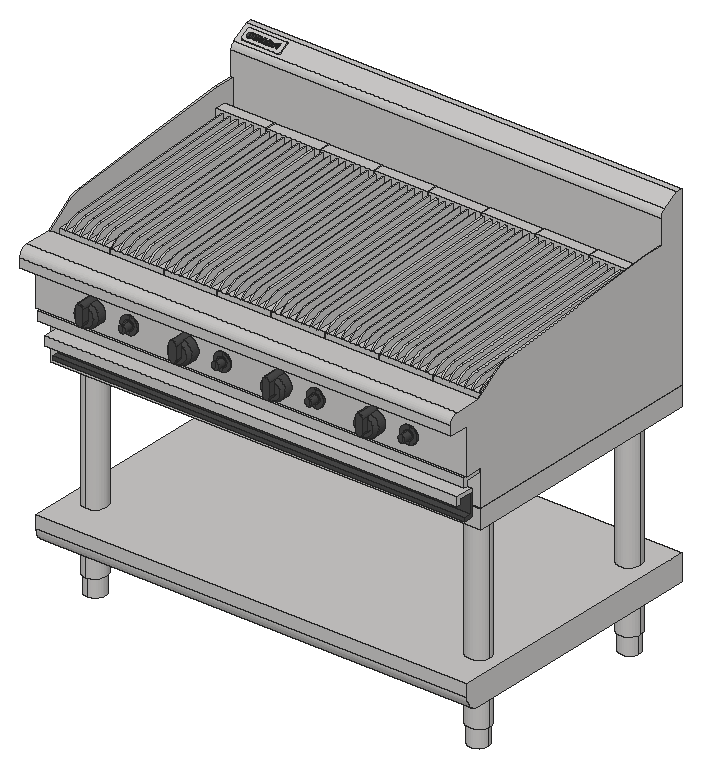
Revit family "QF_MOFFAT WALDORF_CH8120G-LS", category Specialty Equipment, Revit 2012 (continued)
Automatic sketch dimensions
  curve 131 to curve 133 = 0 mm  (x2)
  curve 23 to curve 26 = 0 mm
  curve 127 to curve 129 = 0 mm  (x2)
  curve 27 to curve 30 = 0 mm
  curve 123 to curve 125 = 0 mm  (x2)
  curve 31 to curve 34 = 0 mm
  curve 119 to curve 121 = 0 mm  (x2)
  curve 35 to curve 38 = 0 mm
  curve 115 to curve 117 = 0 mm  (x2)
  curve 39 to curve 42 = 0 mm
  curve 111 to curve 113 = 0 mm  (x2)
  curve 43 to curve 46 = 0 mm
  curve 107 to curve 109 = 0 mm  (x2)
  curve 47 to curve 50 = 0 mm
  curve 103 to curve 105 = 0 mm  (x2)
  curve 51 to curve 54 = 0 mm
  curve 99 to curve 101 = 0 mm  (x2)
  curve 55 to curve 58 = 0 mm
  plane 1 "BACK" to curve 79 = 50.526 mm
  curve 95 to curve 97 = 0 mm  (x2)
  curve 59 to curve 65 = 0 mm
  curve 91 to curve 93 = 0 mm  (x2)
  curve 66 to curve 69 = 0 mm
  curve 87 to curve 89 = 0 mm  (x2)
  curve 70 to curve 73 = 0 mm
  curve 83 to curve 85 = 0 mm  (x2)
  plane 1 "BACK" to curve 81 = 22.262 mm
  plane 1 "BACK" to curve 80 = 22.262 mm
  plane 1 "BACK" to curve 76 = 22.262 mm
  plane 1 "BACK" to curve 72 = 22.262 mm
  plane 1 "BACK" to curve 68 = 22.262 mm
  plane 1 "BACK" to curve 61 = 22.262 mm
  plane 1 "BACK" to curve 57 = 22.262 mm
  plane 1 "BACK" to curve 53 = 22.262 mm
  plane 1 "BACK" to curve 49 = 22.262 mm
  plane 1 "BACK" to curve 45 = 22.262 mm
  plane 1 "BACK" to curve 41 = 22.262 mm
  plane 1 "BACK" to curve 37 = 22.262 mm
  plane 1 "BACK" to curve 33 = 22.262 mm
  plane 1 "BACK" to curve 29 = 22.262 mm
  plane 1 "BACK" to curve 25 = 22.262 mm
  plane 1 "BACK" to curve 21 = 22.262 mm
  plane 1 "BACK" to curve 17 = 22.262 mm
  curve 13 to curve 7 = 1.304 mm
  Extrusion 1 sketch curve to plane 5 "FRONT" = 0 mm
  Extrusion 1 sketch curve to plane 6 "TOP" = 0 mm
  Extrusion 1 sketch curve to plane 1 "BACK" = 0 mm  (x3)
  Extrusion 1 sketch curve to plane 5 "FRONT" = 24 mm
  Extrusion 1 sketch curve to plane 5 "FRONT" = 56 mm  (x2)
  Extrusion 1 sketch curve to Extrusion 1 sketch curve = 44 mm
  Extrusion 1 sketch curve to plane 5 "FRONT" = 106 mm
  Extrusion 1 sketch curve to Extrusion 1 sketch curve = 0 mm
  plane 1 "BACK" to Extrusion 1 sketch curve = 70 mm
  Extrusion 1 sketch curve to plane 6 "TOP" = 24.369 mm
  Extrusion 1 sketch curve to Extrusion 1 sketch curve = 11.291 mm  (x2)
  Extrusion 1 sketch curve to Extrusion 1 sketch curve = 16.5 mm
  Extrusion 1 sketch curve to plane 6 "TOP" = 215 mm
  Extrusion 1 sketch curve to Extrusion 1 sketch curve = 211.074 mm
  Extrusion 1 sketch curve to Extrusion 1 sketch curve = 25 mm
  Extrusion 1 sketch curve to Extrusion 1 sketch curve = 135 mm
  level to Extrusion 1 sketch curve = 640 mm
  Extrusion 1 sketch curve to Extrusion 1 sketch curve = 0.794 mm
  Extrusion 1 sketch curve to Extrusion 1 sketch curve = 54.206 mm
  Extrusion 1 to Split face 1 sketch curve = 1.962 mm
  Split face 1 sketch curve to Extrusion 1 = 14.14 mm
  Split face 1 sketch curve to Extrusion 1 = 129.583 mm
  Split face 1 sketch curve to Split face 1 sketch curve = 20 mm
  Extrusion 1 to Split face 2 sketch curve = 1.962 mm
  Split face 2 sketch curve to Extrusion 1 = 14.14 mm
  Split face 2 sketch curve to Extrusion 1 = 156.5 mm
  Split face 2 sketch curve to Split face 2 sketch curve = 20 mm
  Extrusion 1 to Split face 3 sketch curve = 1.962 mm
  Split face 3 sketch curve to Extrusion 1 = 14.14 mm
  Split face 3 sketch curve to Extrusion 1 = 183.5 mm
  Split face 3 sketch curve to Split face 3 sketch curve = 20 mm
  Extrusion 1 to Split face 4 sketch curve = 1.962 mm
  Split face 4 sketch curve to Extrusion 1 = 14.14 mm
  Split face 4 sketch curve to Extrusion 1 = 210.5 mm
  Split face 4 sketch curve to Split face 4 sketch curve = 20 mm
  Extrusion 1 to Split face 5 sketch curve = 1.962 mm
  Split face 5 sketch curve to Extrusion 1 = 14.14 mm
  Split face 5 sketch curve to Extrusion 1 = 237.5 mm
  Split face 5 sketch curve to Split face 5 sketch curve = 20 mm
  Extrusion 1 to Split face 6 sketch curve = 1.962 mm
  Split face 6 sketch curve to Extrusion 1 = 14.14 mm
  Split face 6 sketch curve to Extrusion 1 = 264.5 mm
  Split face 6 sketch curve to Split face 6 sketch curve = 20 mm
  Extrusion 1 to Split face 7 sketch curve = 1.962 mm
  Split face 7 sketch curve to Extrusion 1 = 14.14 mm
  Split face 7 sketch curve to Extrusion 1 = 291.5 mm
  Split face 7 sketch curve to Split face 7 sketch curve = 20 mm
  Extrusion 1 to Split face 8 sketch curve = 1.962 mm
  Split face 8 sketch curve to Extrusion 1 = 14.14 mm
  Split face 8 sketch curve to Extrusion 1 = 318.5 mm
  Split face 8 sketch curve to Split face 8 sketch curve = 20 mm
  Extrusion 1 to Split face 9 sketch curve = 1.962 mm
  Split face 9 sketch curve to Extrusion 1 = 14.14 mm
  Split face 9 sketch curve to Extrusion 1 = 345.5 mm
  Split face 9 sketch curve to Split face 9 sketch curve = 20 mm
  Extrusion 1 to Split face 10 sketch curve = 1.962 mm
  Split face 10 sketch curve to Extrusion 1 = 14.14 mm
  Split face 10 sketch curve to Extrusion 1 = 372.579 mm
  Split face 10 sketch curve to Split face 10 sketch curve = 20 mm
  Extrusion 1 to Split face 11 sketch curve = 1.962 mm
  Split face 11 sketch curve to Extrusion 1 = 14.14 mm
  Split face 11 sketch curve to Extrusion 1 = 399.534 mm
  Split face 11 sketch curve to Split face 11 sketch curve = 20 mm
  Revolve 4 sketch curve to level = 0 mm
  level to Revolve 4 sketch curve = 50 mm
  Revolve 4 sketch curve to Revolve 4 sketch curve = 4.25 mm
  Revolve 4 sketch curve to Revolve 4 sketch curve = 27.5 mm  (x2)
  Revolve 4 sketch curve to Revolve 4 sketch curve = 55 mm
  Revolve 4 sketch curve to Revolve 4 sketch curve = 0 mm
  Revolve 4 sketch curve to Revolve 4 sketch curve = 535 mm
  Extrusion 6 sketch curve to plane 5 "FRONT" = 100 mm
  Extrusion 6 sketch curve to Extrusion 6 sketch curve = 64.494 mm
  Extrusion 6 sketch curve to Extrusion 6 sketch curve = 40.449 mm
  Extrusion 6 sketch curve to Extrusion 6 sketch curve = 9.585 mm
  plane 1 "BACK" to Extrusion 6 sketch curve = 121.455 mm
  Extrusion 6 sketch curve to Extrusion 6 sketch curve = 51.455 mm
  Extrusion 6 sketch curve to plane 6 "TOP" = 256.424 mm
  Extrusion 6 sketch curve to Extrusion 6 sketch curve = 1.424 mm
  Extrusion 6 sketch curve to Extrusion 6 sketch curve = 40 mm
  Extrusion 6 sketch curve to Extrusion 6 sketch curve = 45.159 mm
  Extrusion 6 sketch curve to plane 6 "TOP" = 110.8 mm
  Extrusion 7 sketch curve to plane 5 "FRONT" = 100 mm
  Extrusion 7 sketch curve to Extrusion 7 sketch curve = 64.494 mm
  Extrusion 7 sketch curve to Extrusion 7 sketch curve = 40.449 mm
  Extrusion 7 sketch curve to Extrusion 7 sketch curve = 50.034 mm
  plane 1 "BACK" to Extrusion 7 sketch curve = 121.455 mm
  Extrusion 7 sketch curve to Extrusion 7 sketch curve = 51.455 mm
  Extrusion 7 sketch curve to plane 6 "TOP" = 110.8 mm
  Extrusion 7 sketch curve to plane 6 "TOP" = 156.884 mm
  Extrusion 7 sketch curve to Extrusion 7 sketch curve = 12.957 mm
  Extrusion 7 sketch curve to Extrusion 7 sketch curve = 45.159 mm
  Extrusion 7 sketch curve to Extrusion 7 sketch curve = 40 mm
  Revolve 8 sketch curve to plane 5 "FRONT" = 12 mm
  Revolve 8 sketch curve to Revolve 8 sketch curve = 0 mm  (x2)
  Revolve 8 sketch curve to Revolve 8 sketch curve = 11 mm
  Revolve 8 sketch curve to Revolve 8 sketch curve = 12.7 mm
  Revolve 8 sketch curve to Revolve 8 sketch curve = 23 mm
  Revolve 8 sketch curve to Revolve 8 sketch curve = 10 mm
  level to Revolve 8 sketch curve = 797 mm
  Revolve 8 sketch curve to Revolve 8 sketch curve = 5 mm
  Revolve 8 sketch curve to Revolve 8 sketch curve = 26.651 mm
  Revolve 8 sketch curve to Revolve 8 sketch curve = 5.849 mm
  Revolve 10 sketch curve to plane 5 "FRONT" = 12 mm
  Revolve 10 sketch curve to Revolve 10 sketch curve = 0 mm  (x2)
  Revolve 10 sketch curve to Revolve 10 sketch curve = 11 mm
  Revolve 10 sketch curve to Revolve 10 sketch curve = 12.7 mm
  Revolve 10 sketch curve to Revolve 10 sketch curve = 23 mm
  Revolve 10 sketch curve to Revolve 10 sketch curve = 10 mm
  Revolve 10 sketch curve to plane 6 "TOP" = 300.5 mm
  Revolve 10 sketch curve to Revolve 10 sketch curve = 5.849 mm
  Revolve 10 sketch curve to Revolve 10 sketch curve = 27.5 mm
  Revolve 10 sketch curve to Revolve 10 sketch curve = 5 mm
  Revolve 12 sketch curve to plane 5 "FRONT" = 20.12 mm
  Revolve 12 sketch curve to Revolve 12 sketch curve = 6.83 mm
  Revolve 12 sketch curve to Revolve 12 sketch curve = 15.2 mm
  Revolve 12 sketch curve to Revolve 12 sketch curve = 1.144 mm
  Revolve 12 sketch curve to Revolve 12 sketch curve = 3.85 mm
  Revolve 12 sketch curve to Revolve 12 sketch curve = 0 mm  (x2)
  Revolve 12 sketch curve to Revolve 12 sketch curve = 10 mm
  level to Revolve 12 sketch curve = 797 mm
  Revolve 12 sketch curve to Revolve 12 sketch curve = 5 mm
  Revolve 12 sketch curve to Revolve 12 sketch curve = 4.825 mm
  Revolve 12 sketch curve to Revolve 12 sketch curve = 3.025 mm
  Revolve 12 sketch curve to Revolve 12 sketch curve = 11.15 mm
  Revolve 13 sketch curve to plane 5 "FRONT" = 20.12 mm
  Revolve 13 sketch curve to Revolve 13 sketch curve = 6.83 mm
  Revolve 13 sketch curve to Revolve 13 sketch curve = 15.2 mm
  Revolve 13 sketch curve to Revolve 13 sketch curve = 1.144 mm
  Revolve 13 sketch curve to Revolve 13 sketch curve = 3.85 mm
  Revolve 13 sketch curve to Revolve 13 sketch curve = 0 mm  (x2)
  Revolve 13 sketch curve to Revolve 13 sketch curve = 10 mm
  level to Revolve 13 sketch curve = 797 mm
  Revolve 13 sketch curve to Revolve 13 sketch curve = 5 mm
  Revolve 13 sketch curve to Revolve 13 sketch curve = 4.825 mm
  Revolve 13 sketch curve to Revolve 13 sketch curve = 3.025 mm
  Revolve 13 sketch curve to Revolve 13 sketch curve = 11.15 mm
  Extrusion 14 sketch curve to plane 5 "FRONT" = 128 mm
  Extrusion 14 sketch curve to Extrusion 14 sketch curve = 46.148 mm
  Extrusion 14 sketch curve to Extrusion 14 sketch curve = 50.262 mm
  plane 1 "BACK" to Extrusion 14 sketch curve = 132 mm
  Extrusion 14 sketch curve to plane 6 "TOP" = 265.155 mm
  Extrusion 14 sketch curve to plane 6 "TOP" = 219.636 mm
  Extrusion 14 sketch curve to Extrusion 14 sketch curve = 52.486 mm
  Extrusion 15 sketch curve to plane 5 "FRONT" = 128 mm
  Extrusion 15 sketch curve to Extrusion 15 sketch curve = 46.148 mm
  Extrusion 15 sketch curve to Extrusion 15 sketch curve = 4.114 mm
  plane 1 "BACK" to Extrusion 15 sketch curve = 132 mm
  Extrusion 15 sketch curve to plane 6 "TOP" = 265.155 mm
  Extrusion 15 sketch curve to plane 6 "TOP" = 219.636 mm
  Extrusion 15 sketch curve to Extrusion 15 sketch curve = 52.486 mm
  Extrusion 16 sketch curve to plane 5 "FRONT" = 128 mm
  Extrusion 16 sketch curve to Extrusion 16 sketch curve = 46.148 mm
  Extrusion 16 sketch curve to Extrusion 16 sketch curve = 50.262 mm
  plane 1 "BACK" to Extrusion 16 sketch curve = 132 mm
  Extrusion 16 sketch curve to plane 6 "TOP" = 265.155 mm
  Extrusion 16 sketch curve to plane 6 "TOP" = 219.636 mm
  Extrusion 16 sketch curve to Extrusion 16 sketch curve = 52.486 mm
  Extrusion 17 sketch curve to plane 5 "FRONT" = 128 mm
  Extrusion 17 sketch curve to Extrusion 17 sketch curve = 46.148 mm
  Extrusion 17 sketch curve to Extrusion 17 sketch curve = 4.114 mm
  plane 1 "BACK" to Extrusion 17 sketch curve = 132 mm
  Extrusion 17 sketch curve to plane 6 "TOP" = 265.155 mm
  Extrusion 17 sketch curve to plane 6 "TOP" = 219.636 mm
  Extrusion 17 sketch curve to Extrusion 17 sketch curve = 52.486 mm
  Extrusion 18 sketch curve to plane 5 "FRONT" = 128 mm
  Extrusion 18 sketch curve to Extrusion 18 sketch curve = 46.148 mm
  Extrusion 18 sketch curve to Extrusion 18 sketch curve = 50.262 mm
  plane 1 "BACK" to Extrusion 18 sketch curve = 132 mm
  Extrusion 18 sketch curve to plane 6 "TOP" = 265.155 mm
  Extrusion 18 sketch curve to plane 6 "TOP" = 219.636 mm
  Extrusion 18 sketch curve to Extrusion 18 sketch curve = 52.486 mm
  Extrusion 19 sketch curve to plane 5 "FRONT" = 128 mm
  Extrusion 19 sketch curve to Extrusion 19 sketch curve = 46.148 mm
  Extrusion 19 sketch curve to Extrusion 19 sketch curve = 50.262 mm
  plane 1 "BACK" to Extrusion 19 sketch curve = 132 mm
  Extrusion 19 sketch curve to plane 6 "TOP" = 265.155 mm
  Extrusion 19 sketch curve to plane 6 "TOP" = 219.636 mm
  Extrusion 19 sketch curve to Extrusion 19 sketch curve = 52.486 mm
  Extrusion 20 sketch curve to plane 5 "FRONT" = 128 mm
  Extrusion 20 sketch curve to Extrusion 20 sketch curve = 46.148 mm
  Extrusion 20 sketch curve to Extrusion 20 sketch curve = 4.114 mm
  plane 1 "BACK" to Extrusion 20 sketch curve = 132 mm
  Extrusion 20 sketch curve to plane 6 "TOP" = 265.155 mm
  Extrusion 20 sketch curve to plane 6 "TOP" = 219.636 mm
  Extrusion 20 sketch curve to Extrusion 20 sketch curve = 52.486 mm
  Extrusion 21 sketch curve to plane 5 "FRONT" = 128 mm
  Extrusion 21 sketch curve to Extrusion 21 sketch curve = 46.148 mm
  Extrusion 21 sketch curve to Extrusion 21 sketch curve = 50.262 mm
  plane 1 "BACK" to Extrusion 21 sketch curve = 132 mm
  Extrusion 21 sketch curve to plane 6 "TOP" = 265.155 mm
  Extrusion 21 sketch curve to plane 6 "TOP" = 219.636 mm
  Extrusion 21 sketch curve to Extrusion 21 sketch curve = 52.486 mm
  Extrusion 22 sketch curve to plane 5 "FRONT" = 128 mm
  Extrusion 22 sketch curve to Extrusion 22 sketch curve = 46.148 mm
  Extrusion 22 sketch curve to Extrusion 22 sketch curve = 4.114 mm
  plane 1 "BACK" to Extrusion 22 sketch curve = 132 mm
  Extrusion 22 sketch curve to plane 6 "TOP" = 265.155 mm
  Extrusion 22 sketch curve to plane 6 "TOP" = 219.636 mm
  Extrusion 22 sketch curve to Extrusion 22 sketch curve = 52.486 mm
  Extrusion 23 sketch curve to plane 5 "FRONT" = 128 mm
  Extrusion 23 sketch curve to Extrusion 23 sketch curve = 46.148 mm
  Extrusion 23 sketch curve to Extrusion 23 sketch curve = 50.262 mm
  plane 1 "BACK" to Extrusion 23 sketch curve = 132 mm
  Extrusion 23 sketch curve to plane 6 "TOP" = 265.155 mm
  Extrusion 23 sketch curve to plane 6 "TOP" = 219.636 mm
  Extrusion 23 sketch curve to Extrusion 23 sketch curve = 52.486 mm
  Extrusion 24 sketch curve to plane 5 "FRONT" = 128 mm
  Extrusion 24 sketch curve to Extrusion 24 sketch curve = 46.148 mm
  Extrusion 24 sketch curve to Extrusion 24 sketch curve = 4.114 mm
  plane 1 "BACK" to Extrusion 24 sketch curve = 132 mm
  Extrusion 24 sketch curve to plane 6 "TOP" = 265.155 mm
  Extrusion 24 sketch curve to plane 6 "TOP" = 219.636 mm
  Extrusion 24 sketch curve to Extrusion 24 sketch curve = 52.486 mm
  Extrusion 25 sketch curve to plane 5 "FRONT" = 128 mm
  Extrusion 25 sketch curve to Extrusion 25 sketch curve = 46.148 mm
  Extrusion 25 sketch curve to Extrusion 25 sketch curve = 4.114 mm
  plane 1 "BACK" to Extrusion 25 sketch curve = 132 mm
  Extrusion 25 sketch curve to plane 6 "TOP" = 265.155 mm
  Extrusion 25 sketch curve to plane 6 "TOP" = 219.636 mm
  Extrusion 25 sketch curve to Extrusion 25 sketch curve = 52.486 mm
  Extrusion 26 sketch curve to plane 5 "FRONT" = 128 mm
  Extrusion 26 sketch curve to Extrusion 26 sketch curve = 46.148 mm
  Extrusion 26 sketch curve to Extrusion 26 sketch curve = 4.114 mm
  plane 1 "BACK" to Extrusion 26 sketch curve = 132 mm
  Extrusion 26 sketch curve to plane 6 "TOP" = 265.155 mm
  Extrusion 26 sketch curve to plane 6 "TOP" = 219.636 mm
  Extrusion 26 sketch curve to Extrusion 26 sketch curve = 52.486 mm
  Extrusion 27 sketch curve to plane 5 "FRONT" = 128 mm
  Extrusion 27 sketch curve to Extrusion 27 sketch curve = 46.148 mm
  Extrusion 27 sketch curve to Extrusion 27 sketch curve = 4.114 mm
  plane 1 "BACK" to Extrusion 27 sketch curve = 132 mm
  Extrusion 27 sketch curve to plane 6 "TOP" = 265.155 mm
  Extrusion 27 sketch curve to plane 6 "TOP" = 219.636 mm
  Extrusion 27 sketch curve to Extrusion 27 sketch curve = 52.486 mm
  Extrusion 28 sketch curve to plane 5 "FRONT" = 128 mm
  Extrusion 28 sketch curve to Extrusion 28 sketch curve = 46.148 mm
  Extrusion 28 sketch curve to Extrusion 28 sketch curve = 4.114 mm
  plane 1 "BACK" to Extrusion 28 sketch curve = 132 mm
  Extrusion 28 sketch curve to plane 6 "TOP" = 265.155 mm
  Extrusion 28 sketch curve to plane 6 "TOP" = 219.636 mm
  Extrusion 28 sketch curve to Extrusion 28 sketch curve = 52.486 mm
  Extrusion 29 sketch curve to plane 5 "FRONT" = 128 mm
  Extrusion 29 sketch curve to Extrusion 29 sketch curve = 46.148 mm
  Extrusion 29 sketch curve to Extrusion 29 sketch curve = 50.262 mm
  plane 1 "BACK" to Extrusion 29 sketch curve = 132 mm
  Extrusion 29 sketch curve to plane 6 "TOP" = 265.155 mm
  Extrusion 29 sketch curve to plane 6 "TOP" = 219.636 mm
  Extrusion 29 sketch curve to Extrusion 29 sketch curve = 52.486 mm
  Extrusion 30 sketch curve to plane 5 "FRONT" = 128 mm
  Extrusion 30 sketch curve to Extrusion 30 sketch curve = 46.148 mm
  Extrusion 30 sketch curve to Extrusion 30 sketch curve = 50.262 mm
  plane 1 "BACK" to Extrusion 30 sketch curve = 132 mm
  Extrusion 30 sketch curve to plane 6 "TOP" = 265.155 mm
  Extrusion 30 sketch curve to plane 6 "TOP" = 219.636 mm
  Extrusion 30 sketch curve to Extrusion 30 sketch curve = 52.486 mm
  Extrusion 31 sketch curve to plane 5 "FRONT" = 128 mm
  Extrusion 31 sketch curve to Extrusion 31 sketch curve = 46.148 mm
  Extrusion 31 sketch curve to Extrusion 31 sketch curve = 4.114 mm
  plane 1 "BACK" to Extrusion 31 sketch curve = 132 mm
  Extrusion 31 sketch curve to plane 6 "TOP" = 265.155 mm
  Extrusion 31 sketch curve to plane 6 "TOP" = 219.636 mm
  Extrusion 31 sketch curve to Extrusion 31 sketch curve = 52.486 mm
  Extrusion 32 sketch curve to plane 5 "FRONT" = 128 mm
  Extrusion 32 sketch curve to Extrusion 32 sketch curve = 46.148 mm
  Extrusion 32 sketch curve to Extrusion 32 sketch curve = 50.262 mm
  plane 1 "BACK" to Extrusion 32 sketch curve = 132 mm
  Extrusion 32 sketch curve to plane 6 "TOP" = 265.155 mm
  Extrusion 32 sketch curve to plane 6 "TOP" = 219.636 mm
  Extrusion 32 sketch curve to Extrusion 32 sketch curve = 52.486 mm
  Extrusion 33 sketch curve to plane 5 "FRONT" = 128 mm
  Extrusion 33 sketch curve to Extrusion 33 sketch curve = 46.148 mm
  Extrusion 33 sketch curve to Extrusion 33 sketch curve = 4.114 mm
  plane 1 "BACK" to Extrusion 33 sketch curve = 132 mm
  Extrusion 33 sketch curve to plane 6 "TOP" = 265.155 mm
  Extrusion 33 sketch curve to plane 6 "TOP" = 219.636 mm
  Extrusion 33 sketch curve to Extrusion 33 sketch curve = 52.486 mm
  Extrusion 34 sketch curve to plane 5 "FRONT" = 128 mm
  Extrusion 34 sketch curve to Extrusion 34 sketch curve = 46.148 mm
  Extrusion 34 sketch curve to Extrusion 34 sketch curve = 4.114 mm
  plane 1 "BACK" to Extrusion 34 sketch curve = 132 mm
  Extrusion 34 sketch curve to plane 6 "TOP" = 265.155 mm
  Extrusion 34 sketch curve to Extrusion 34 sketch curve = 45.518 mm
  Extrusion 34 sketch curve to Extrusion 34 sketch curve = 52.486 mm
  Extrusion 35 sketch curve to plane 5 "FRONT" = 128 mm
  Extrusion 35 sketch curve to Extrusion 35 sketch curve = 46.148 mm
  Extrusion 35 sketch curve to Extrusion 35 sketch curve = 50.262 mm
  plane 1 "BACK" to Extrusion 35 sketch curve = 132 mm
  Extrusion 35 sketch curve to plane 6 "TOP" = 265.155 mm
  Extrusion 35 sketch curve to plane 6 "TOP" = 219.636 mm
  Extrusion 35 sketch curve to Extrusion 35 sketch curve = 52.486 mm
  Extrusion 36 sketch curve to plane 5 "FRONT" = 128 mm
  Extrusion 36 sketch curve to Extrusion 36 sketch curve = 46.148 mm
  Extrusion 36 sketch curve to Extrusion 36 sketch curve = 4.114 mm
  plane 1 "BACK" to Extrusion 36 sketch curve = 132 mm
  Extrusion 36 sketch curve to plane 6 "TOP" = 265.155 mm
  Extrusion 36 sketch curve to plane 6 "TOP" = 219.636 mm
  Extrusion 36 sketch curve to Extrusion 36 sketch curve = 52.486 mm
  Extrusion 37 sketch curve to plane 5 "FRONT" = 128 mm
  Extrusion 37 sketch curve to Extrusion 37 sketch curve = 46.148 mm
  Extrusion 37 sketch curve to Extrusion 37 sketch curve = 4.114 mm
  plane 1 "BACK" to Extrusion 37 sketch curve = 132 mm
  Extrusion 37 sketch curve to plane 6 "TOP" = 265.155 mm
  Extrusion 37 sketch curve to plane 6 "TOP" = 219.636 mm
  Extrusion 37 sketch curve to Extrusion 37 sketch curve = 52.486 mm
  Extrusion 38 sketch curve to plane 5 "FRONT" = 128 mm
  Extrusion 38 sketch curve to Extrusion 38 sketch curve = 46.148 mm
  Extrusion 38 sketch curve to Extrusion 38 sketch curve = 50.262 mm
  plane 1 "BACK" to Extrusion 38 sketch curve = 132 mm
  Extrusion 38 sketch curve to plane 6 "TOP" = 265.155 mm
  Extrusion 38 sketch curve to plane 6 "TOP" = 219.636 mm
  Extrusion 38 sketch curve to Extrusion 38 sketch curve = 52.486 mm
  Extrusion 39 sketch curve to plane 5 "FRONT" = 128 mm
  Extrusion 39 sketch curve to Extrusion 39 sketch curve = 46.148 mm
  Extrusion 39 sketch curve to Extrusion 39 sketch curve = 50.262 mm
  plane 1 "BACK" to Extrusion 39 sketch curve = 132 mm
  Extrusion 39 sketch curve to plane 6 "TOP" = 265.155 mm
  Extrusion 39 sketch curve to plane 6 "TOP" = 219.636 mm
  Extrusion 39 sketch curve to Extrusion 39 sketch curve = 52.486 mm
  Extrusion 40 sketch curve to plane 5 "FRONT" = 128 mm
  Extrusion 40 sketch curve to Extrusion 40 sketch curve = 46.148 mm
  Extrusion 40 sketch curve to Extrusion 40 sketch curve = 4.114 mm
  plane 1 "BACK" to Extrusion 40 sketch curve = 132 mm
  Extrusion 40 sketch curve to plane 6 "TOP" = 265.155 mm
  Extrusion 40 sketch curve to plane 6 "TOP" = 219.636 mm
  Extrusion 40 sketch curve to Extrusion 40 sketch curve = 52.486 mm
  Extrusion 42 sketch curve to plane 5 "FRONT" = 81 mm
  Extrusion 42 sketch curve to Extrusion 42 sketch curve = 20 mm
  Extrusion 42 sketch curve to Extrusion 42 sketch curve = 18.654 mm
  level to Extrusion 42 sketch curve = 608.047 mm
  Extrusion 42 sketch curve to Extrusion 42 sketch curve = 10 mm
  Extrusion 42 sketch curve to Extrusion 42 sketch curve = 53.75 mm
  Extrusion 43 sketch curve to plane 5 "FRONT" = 53.73 mm
  Extrusion 43 sketch curve to Extrusion 43 sketch curve = 10 mm  (x2)
  Extrusion 43 sketch curve to Extrusion 43 sketch curve = 42.27 mm
  level to Extrusion 43 sketch curve = 711.219 mm
  Extrusion 43 sketch curve to Extrusion 43 sketch curve = 15 mm
  Split face 12 sketch curve to cut or joined group of Extrusion 1, Extrusion 6, Extrusion 7 = 1.25 mm
  Split face 12 sketch curve to cut or joined group of Extrusion 1, Extrusion 6, Extrusion 7 = 24.993 mm
  cut or joined group of Extrusion 1, Extrusion 6, Extrusion 7 to Split face 12 sketch curve = 1.25 mm
  Split face 12 sketch curve to cut or joined group of Extrusion 1, Extrusion 6, Extrusion 7 = 25.12 mm
  Extrusion 44 sketch curve to plane 5 "FRONT" = 53.73 mm
  Extrusion 44 sketch curve to Extrusion 44 sketch curve = 10 mm  (x2)
  Extrusion 44 sketch curve to Extrusion 44 sketch curve = 55.924 mm
  level to Extrusion 44 sketch curve = 656.797 mm
  Extrusion 44 sketch curve to Extrusion 44 sketch curve = 15 mm
  Extrusion 45 sketch curve to plane 5 "FRONT" = 128 mm
  plane 1 "BACK" to Extrusion 45 sketch curve = 132 mm
  Extrusion 45 sketch curve to Extrusion 45 sketch curve = 30 mm
  Extrusion 45 sketch curve to plane 6 "TOP" = 255 mm
  Extrusion 45 sketch curve to Extrusion 45 sketch curve = 35.364 mm
  Extrusion 45 sketch curve to Extrusion 45 sketch curve = 59.636 mm
  Extrusion 46 sketch curve to plane 5 "FRONT" = 128 mm
  plane 1 "BACK" to Extrusion 46 sketch curve = 132 mm
  Extrusion 46 sketch curve to Extrusion 46 sketch curve = 30 mm
  Extrusion 46 sketch curve to plane 6 "TOP" = 255 mm
  Extrusion 46 sketch curve to Extrusion 46 sketch curve = 35.364 mm
  Extrusion 46 sketch curve to Extrusion 46 sketch curve = 59.636 mm
  Extrusion 47 sketch curve to plane 5 "FRONT" = 128 mm
  plane 1 "BACK" to Extrusion 47 sketch curve = 132 mm
  Extrusion 47 sketch curve to Extrusion 47 sketch curve = 30 mm
  Extrusion 47 sketch curve to plane 6 "TOP" = 255 mm
  Extrusion 47 sketch curve to Extrusion 47 sketch curve = 35.364 mm
  Extrusion 47 sketch curve to Extrusion 47 sketch curve = 59.636 mm
  Extrusion 48 sketch curve to plane 5 "FRONT" = 128 mm
  plane 1 "BACK" to Extrusion 48 sketch curve = 132 mm
  Extrusion 48 sketch curve to Extrusion 48 sketch curve = 30 mm
  Extrusion 48 sketch curve to plane 6 "TOP" = 255 mm
  Extrusion 48 sketch curve to Extrusion 48 sketch curve = 35.364 mm
  Extrusion 48 sketch curve to Extrusion 48 sketch curve = 59.636 mm
  Extrusion 49 sketch curve to plane 5 "FRONT" = 128 mm
  Extrusion 49 sketch curve to Extrusion 49 sketch curve = 46.148 mm
  Extrusion 49 sketch curve to Extrusion 49 sketch curve = 50.262 mm
  plane 1 "BACK" to Extrusion 49 sketch curve = 132 mm
  Extrusion 49 sketch curve to plane 6 "TOP" = 265.155 mm
  Extrusion 49 sketch curve to Extrusion 49 sketch curve = 45.518 mm
  Extrusion 49 sketch curve to Extrusion 49 sketch curve = 52.486 mm
  Extrusion 50 sketch curve to plane 5 "FRONT" = 128 mm
  Extrusion 50 sketch curve to Extrusion 50 sketch curve = 46.148 mm
  Extrusion 50 sketch curve to Extrusion 50 sketch curve = 4.114 mm
  plane 1 "BACK" to Extrusion 50 sketch curve = 132 mm
  Extrusion 50 sketch curve to plane 6 "TOP" = 265.155 mm
  Extrusion 50 sketch curve to plane 6 "TOP" = 219.636 mm
  Extrusion 50 sketch curve to Extrusion 50 sketch curve = 52.486 mm
  Extrusion 51 sketch curve to plane 5 "FRONT" = 128 mm
  Extrusion 51 sketch curve to Extrusion 51 sketch curve = 46.148 mm
  Extrusion 51 sketch curve to Extrusion 51 sketch curve = 4.114 mm
  plane 1 "BACK" to Extrusion 51 sketch curve = 132 mm
  Extrusion 51 sketch curve to plane 6 "TOP" = 265.155 mm
  Extrusion 51 sketch curve to plane 6 "TOP" = 219.636 mm
  Extrusion 51 sketch curve to Extrusion 51 sketch curve = 52.486 mm
  Extrusion 52 sketch curve to plane 5 "FRONT" = 128 mm
  Extrusion 52 sketch curve to Extrusion 52 sketch curve = 46.148 mm
  Extrusion 52 sketch curve to Extrusion 52 sketch curve = 4.114 mm
  plane 1 "BACK" to Extrusion 52 sketch curve = 132 mm
  Extrusion 52 sketch curve to plane 6 "TOP" = 265.155 mm
  Extrusion 52 sketch curve to plane 6 "TOP" = 219.636 mm
  Extrusion 52 sketch curve to Extrusion 52 sketch curve = 52.486 mm
  Extrusion 53 sketch curve to plane 5 "FRONT" = 128 mm
  Extrusion 53 sketch curve to Extrusion 53 sketch curve = 46.148 mm
  Extrusion 53 sketch curve to Extrusion 53 sketch curve = 4.114 mm
  plane 1 "BACK" to Extrusion 53 sketch curve = 132 mm
  Extrusion 53 sketch curve to plane 6 "TOP" = 265.155 mm
  Extrusion 53 sketch curve to plane 6 "TOP" = 219.636 mm
  Extrusion 53 sketch curve to Extrusion 53 sketch curve = 52.486 mm
  Extrusion 54 sketch curve to plane 5 "FRONT" = 128 mm
  Extrusion 54 sketch curve to Extrusion 54 sketch curve = 46.148 mm
  Extrusion 54 sketch curve to Extrusion 54 sketch curve = 4.114 mm
  plane 1 "BACK" to Extrusion 54 sketch curve = 132 mm
  Extrusion 54 sketch curve to plane 6 "TOP" = 265.155 mm
  Extrusion 54 sketch curve to plane 6 "TOP" = 219.636 mm
  Extrusion 54 sketch curve to Extrusion 54 sketch curve = 52.486 mm
  Extrusion 55 sketch curve to plane 5 "FRONT" = 128 mm
  Extrusion 55 sketch curve to Extrusion 55 sketch curve = 46.148 mm
  Extrusion 55 sketch curve to Extrusion 55 sketch curve = 4.114 mm
  plane 1 "BACK" to Extrusion 55 sketch curve = 132 mm
  Extrusion 55 sketch curve to plane 6 "TOP" = 265.155 mm
  Extrusion 55 sketch curve to plane 6 "TOP" = 219.636 mm
  Extrusion 55 sketch curve to Extrusion 55 sketch curve = 52.486 mm
  Extrusion 56 sketch curve to plane 5 "FRONT" = 128 mm
  plane 1 "BACK" to Extrusion 56 sketch curve = 132 mm
  Extrusion 56 sketch curve to Extrusion 56 sketch curve = 30 mm
  Extrusion 56 sketch curve to plane 6 "TOP" = 255 mm
  Extrusion 56 sketch curve to Extrusion 56 sketch curve = 35.364 mm
  Extrusion 56 sketch curve to Extrusion 56 sketch curve = 59.636 mm
  Extrusion 57 sketch curve to plane 5 "FRONT" = 128 mm
  Extrusion 57 sketch curve to Extrusion 57 sketch curve = 46.148 mm
  Extrusion 57 sketch curve to Extrusion 57 sketch curve = 50.262 mm
  plane 1 "BACK" to Extrusion 57 sketch curve = 132 mm
  Extrusion 57 sketch curve to plane 6 "TOP" = 265.155 mm
  Extrusion 57 sketch curve to Extrusion 57 sketch curve = 45.518 mm
  Extrusion 57 sketch curve to Extrusion 57 sketch curve = 52.486 mm
  Extrusion 58 sketch curve to plane 5 "FRONT" = 128 mm
  Extrusion 58 sketch curve to Extrusion 58 sketch curve = 46.148 mm
  Extrusion 58 sketch curve to Extrusion 58 sketch curve = 4.114 mm
  plane 1 "BACK" to Extrusion 58 sketch curve = 132 mm
  Extrusion 58 sketch curve to plane 6 "TOP" = 265.155 mm
  Extrusion 58 sketch curve to plane 6 "TOP" = 219.636 mm
  Extrusion 58 sketch curve to Extrusion 58 sketch curve = 52.486 mm
  Extrusion 59 sketch curve to plane 5 "FRONT" = 128 mm
  Extrusion 59 sketch curve to Extrusion 59 sketch curve = 46.148 mm
  Extrusion 59 sketch curve to Extrusion 59 sketch curve = 4.114 mm
  plane 1 "BACK" to Extrusion 59 sketch curve = 132 mm
  Extrusion 59 sketch curve to plane 6 "TOP" = 265.155 mm
  Extrusion 59 sketch curve to plane 6 "TOP" = 219.636 mm
  Extrusion 59 sketch curve to Extrusion 59 sketch curve = 52.486 mm
  Extrusion 60 sketch curve to plane 5 "FRONT" = 128 mm
  Extrusion 60 sketch curve to Extrusion 60 sketch curve = 46.148 mm
  Extrusion 60 sketch curve to Extrusion 60 sketch curve = 4.114 mm
  plane 1 "BACK" to Extrusion 60 sketch curve = 132 mm
  Extrusion 60 sketch curve to plane 6 "TOP" = 265.155 mm
  Extrusion 60 sketch curve to plane 6 "TOP" = 219.636 mm
  Extrusion 60 sketch curve to Extrusion 60 sketch curve = 52.486 mm
  Extrusion 61 sketch curve to plane 5 "FRONT" = 128 mm
  Extrusion 61 sketch curve to Extrusion 61 sketch curve = 46.148 mm
  Extrusion 61 sketch curve to Extrusion 61 sketch curve = 4.114 mm
  plane 1 "BACK" to Extrusion 61 sketch curve = 132 mm
  Extrusion 61 sketch curve to plane 6 "TOP" = 265.155 mm
  Extrusion 61 sketch curve to plane 6 "TOP" = 219.636 mm
  Extrusion 61 sketch curve to Extrusion 61 sketch curve = 52.486 mm
  Extrusion 62 sketch curve to plane 5 "FRONT" = 128 mm
  Extrusion 62 sketch curve to Extrusion 62 sketch curve = 46.148 mm
  Extrusion 62 sketch curve to Extrusion 62 sketch curve = 4.114 mm
  plane 1 "BACK" to Extrusion 62 sketch curve = 132 mm
  Extrusion 62 sketch curve to plane 6 "TOP" = 265.155 mm
  Extrusion 62 sketch curve to plane 6 "TOP" = 219.636 mm
  Extrusion 62 sketch curve to Extrusion 62 sketch curve = 52.486 mm
  Extrusion 63 sketch curve to plane 5 "FRONT" = 128 mm
  Extrusion 63 sketch curve to Extrusion 63 sketch curve = 46.148 mm
  Extrusion 63 sketch curve to Extrusion 63 sketch curve = 4.114 mm
  plane 1 "BACK" to Extrusion 63 sketch curve = 132 mm
  Extrusion 63 sketch curve to plane 6 "TOP" = 265.155 mm
  Extrusion 63 sketch curve to plane 6 "TOP" = 219.636 mm
  Extrusion 63 sketch curve to Extrusion 63 sketch curve = 52.486 mm
  Extrusion 64 sketch curve to plane 5 "FRONT" = 128 mm
  plane 1 "BACK" to Extrusion 64 sketch curve = 132 mm
  Extrusion 64 sketch curve to Extrusion 64 sketch curve = 30 mm
  Extrusion 64 sketch curve to plane 6 "TOP" = 255 mm
  Extrusion 64 sketch curve to Extrusion 64 sketch curve = 35.364 mm
  Extrusion 64 sketch curve to Extrusion 64 sketch curve = 59.636 mm
  Extrusion 1 to Split face 13 sketch curve = 1.962 mm
  Split face 13 sketch curve to Extrusion 1 = 14.14 mm
  Split face 13 sketch curve to Extrusion 1 = 426.534 mm
  Split face 13 sketch curve to Split face 13 sketch curve = 20 mm
  Extrusion 1 to Split face 14 sketch curve = 1.962 mm
  Split face 14 sketch curve to Extrusion 1 = 14.14 mm
  Split face 14 sketch curve to Extrusion 1 = 453.567 mm
  Split face 14 sketch curve to Split face 14 sketch curve = 20 mm
  Extrusion 1 to Split face 15 sketch curve = 1.962 mm
  Split face 15 sketch curve to Extrusion 1 = 14.14 mm
  Split face 15 sketch curve to Extrusion 1 = 480.567 mm
  Split face 15 sketch curve to Split face 15 sketch curve = 20 mm
  Extrusion 1 to Split face 16 sketch curve = 1.962 mm
  Split face 16 sketch curve to Extrusion 1 = 14.14 mm
  Split face 16 sketch curve to Extrusion 1 = 507.567 mm
  Split face 16 sketch curve to Split face 16 sketch curve = 20 mm
  Extrusion 1 to Split face 17 sketch curve = 1.962 mm
  Split face 17 sketch curve to Extrusion 1 = 14.14 mm
  Split face 17 sketch curve to Extrusion 1 = 534.567 mm
  Split face 17 sketch curve to Split face 17 sketch curve = 20 mm
  Extrusion 1 to Split face 18 sketch curve = 1.962 mm
  Split face 18 sketch curve to Extrusion 1 = 14.14 mm
  Split face 18 sketch curve to Extrusion 1 = 561.567 mm
  Split face 18 sketch curve to Split face 18 sketch curve = 20 mm
  Extrusion 1 to Split face 19 sketch curve = 1.962 mm
  Split face 19 sketch curve to Extrusion 1 = 14.14 mm
  Split face 19 sketch curve to Extrusion 1 = 588.567 mm
  Split face 19 sketch curve to Split face 19 sketch curve = 20 mm
  Extrusion 1 to Split face 20 sketch curve = 1.962 mm
  Split face 20 sketch curve to Extrusion 1 = 14.14 mm
  Split face 20 sketch curve to Extrusion 1 = 584.433 mm
  Split face 20 sketch curve to Split face 20 sketch curve = 20 mm
  Extrusion 1 to Split face 21 sketch curve = 1.962 mm
  Split face 21 sketch curve to Extrusion 1 = 14.14 mm
  Split face 21 sketch curve to Extrusion 1 = 557.466 mm
  Split face 21 sketch curve to Split face 21 sketch curve = 20 mm
  Extrusion 1 to Split face 22 sketch curve = 1.962 mm
  Split face 22 sketch curve to Extrusion 1 = 14.14 mm
  Split face 22 sketch curve to Extrusion 1 = 530.466 mm
  Split face 22 sketch curve to Split face 22 sketch curve = 20 mm
  Extrusion 1 to Split face 23 sketch curve = 1.962 mm
  Split face 23 sketch curve to Extrusion 1 = 14.14 mm
  Split face 23 sketch curve to Extrusion 1 = 503.466 mm
  Split face 23 sketch curve to Split face 23 sketch curve = 20 mm
  Extrusion 1 to Split face 24 sketch curve = 1.962 mm
  Split face 24 sketch curve to Extrusion 1 = 14.14 mm
  Split face 24 sketch curve to Extrusion 1 = 476.466 mm
  Split face 24 sketch curve to Split face 24 sketch curve = 20 mm
  Extrusion 1 to Split face 25 sketch curve = 1.962 mm
  Split face 25 sketch curve to Extrusion 1 = 14.14 mm
  Split face 25 sketch curve to Extrusion 1 = 449.466 mm
  Split face 25 sketch curve to Split face 25 sketch curve = 20 mm
  Revolve 65 sketch curve to plane 5 "FRONT" = 12 mm
  Revolve 65 sketch curve to Revolve 65 sketch curve = 0 mm  (x2)
  Revolve 65 sketch curve to Revolve 65 sketch curve = 11 mm
  Revolve 65 sketch curve to Revolve 65 sketch curve = 12.7 mm
  Revolve 65 sketch curve to Revolve 65 sketch curve = 23 mm
  Revolve 65 sketch curve to Revolve 65 sketch curve = 10 mm
  Revolve 65 sketch curve to plane 6 "TOP" = 300.5 mm
  Revolve 65 sketch curve to Revolve 65 sketch curve = 5.849 mm
  Revolve 65 sketch curve to Revolve 65 sketch curve = 27.5 mm
  Revolve 65 sketch curve to Revolve 65 sketch curve = 5 mm
  Revolve 67 sketch curve to plane 5 "FRONT" = 20.12 mm
  Revolve 67 sketch curve to Revolve 67 sketch curve = 6.83 mm
  Revolve 67 sketch curve to Revolve 67 sketch curve = 15.2 mm
  Revolve 67 sketch curve to Revolve 67 sketch curve = 1.144 mm
  Revolve 67 sketch curve to Revolve 67 sketch curve = 3.85 mm
  Revolve 67 sketch curve to Revolve 67 sketch curve = 0 mm  (x2)
  Revolve 67 sketch curve to Revolve 67 sketch curve = 10 mm
  level to Revolve 67 sketch curve = 797 mm
  Revolve 67 sketch curve to Revolve 67 sketch curve = 5 mm
  Revolve 67 sketch curve to Revolve 67 sketch curve = 4.825 mm
  Revolve 67 sketch curve to Revolve 67 sketch curve = 3.025 mm
  Revolve 67 sketch curve to Revolve 67 sketch curve = 11.15 mm
  Revolve 68 sketch curve to plane 5 "FRONT" = 12 mm
  Revolve 68 sketch curve to Revolve 68 sketch curve = 0 mm  (x2)
  Revolve 68 sketch curve to Revolve 68 sketch curve = 11 mm
  Revolve 68 sketch curve to Revolve 68 sketch curve = 12.7 mm
  Revolve 68 sketch curve to Revolve 68 sketch curve = 23 mm
  Revolve 68 sketch curve to Revolve 68 sketch curve = 10 mm
  Revolve 68 sketch curve to plane 6 "TOP" = 300.5 mm
  Revolve 68 sketch curve to Revolve 68 sketch curve = 5.849 mm
  Revolve 68 sketch curve to Revolve 68 sketch curve = 27.5 mm
  Revolve 68 sketch curve to Revolve 68 sketch curve = 5 mm
  plane 4 "RIGHT" to Extrusion 69 sketch curve = 241.991 mm
  Extrusion 69 sketch curve to Extrusion 69 sketch curve = 10 mm
  Extrusion 69 sketch curve to plane 6 "TOP" = 306 mm
  Extrusion 69 sketch curve to Extrusion 69 sketch curve = 35 mm
  Revolve 70 sketch curve to plane 5 "FRONT" = 20.12 mm
  Revolve 70 sketch curve to Revolve 70 sketch curve = 6.83 mm
  Revolve 70 sketch curve to Revolve 70 sketch curve = 15.2 mm
  Revolve 70 sketch curve to Revolve 70 sketch curve = 1.144 mm
  Revolve 70 sketch curve to Revolve 70 sketch curve = 3.85 mm
  Revolve 70 sketch curve to Revolve 70 sketch curve = 0 mm  (x2)
  Revolve 70 sketch curve to Revolve 70 sketch curve = 10 mm
  level to Revolve 70 sketch curve = 797 mm
  Revolve 70 sketch curve to Revolve 70 sketch curve = 5 mm
  Revolve 70 sketch curve to Revolve 70 sketch curve = 4.825 mm
  Revolve 70 sketch curve to Revolve 70 sketch curve = 3.025 mm
  Revolve 70 sketch curve to Revolve 70 sketch curve = 11.15 mm
  Extrusion 71 sketch curve to plane 5 "FRONT" = 128 mm
  Extrusion 71 sketch curve to Extrusion 71 sketch curve = 46.148 mm
  Extrusion 71 sketch curve to Extrusion 71 sketch curve = 50.262 mm
  plane 1 "BACK" to Extrusion 71 sketch curve = 132 mm
  Extrusion 71 sketch curve to plane 6 "TOP" = 265.155 mm
  Extrusion 71 sketch curve to Extrusion 71 sketch curve = 45.518 mm
  Extrusion 71 sketch curve to Extrusion 71 sketch curve = 52.486 mm
  Extrusion 72 sketch curve to plane 5 "FRONT" = 128 mm
  Extrusion 72 sketch curve to Extrusion 72 sketch curve = 46.148 mm
  Extrusion 72 sketch curve to Extrusion 72 sketch curve = 4.114 mm
  plane 1 "BACK" to Extrusion 72 sketch curve = 132 mm
  Extrusion 72 sketch curve to plane 6 "TOP" = 265.155 mm
  Extrusion 72 sketch curve to plane 6 "TOP" = 219.636 mm
  Extrusion 72 sketch curve to Extrusion 72 sketch curve = 52.486 mm
  Extrusion 73 sketch curve to plane 5 "FRONT" = 128 mm
  Extrusion 73 sketch curve to Extrusion 73 sketch curve = 46.148 mm
  Extrusion 73 sketch curve to Extrusion 73 sketch curve = 4.114 mm
  plane 1 "BACK" to Extrusion 73 sketch curve = 132 mm
  Extrusion 73 sketch curve to plane 6 "TOP" = 265.155 mm
  Extrusion 73 sketch curve to plane 6 "TOP" = 219.636 mm
  Extrusion 73 sketch curve to Extrusion 73 sketch curve = 52.486 mm
  Extrusion 74 sketch curve to plane 5 "FRONT" = 128 mm
  Extrusion 74 sketch curve to Extrusion 74 sketch curve = 46.148 mm
  Extrusion 74 sketch curve to Extrusion 74 sketch curve = 4.114 mm
  plane 1 "BACK" to Extrusion 74 sketch curve = 132 mm
  Extrusion 74 sketch curve to plane 6 "TOP" = 265.155 mm
  Extrusion 74 sketch curve to plane 6 "TOP" = 219.636 mm
  Extrusion 74 sketch curve to Extrusion 74 sketch curve = 52.486 mm
  Extrusion 75 sketch curve to plane 5 "FRONT" = 128 mm
  Extrusion 75 sketch curve to Extrusion 75 sketch curve = 46.148 mm
  Extrusion 75 sketch curve to Extrusion 75 sketch curve = 4.114 mm
  plane 1 "BACK" to Extrusion 75 sketch curve = 132 mm
  Extrusion 75 sketch curve to plane 6 "TOP" = 265.155 mm
  Extrusion 75 sketch curve to plane 6 "TOP" = 219.636 mm
  Extrusion 75 sketch curve to Extrusion 75 sketch curve = 52.486 mm
  Extrusion 76 sketch curve to plane 5 "FRONT" = 128 mm
  Extrusion 76 sketch curve to Extrusion 76 sketch curve = 46.148 mm
  Extrusion 76 sketch curve to Extrusion 76 sketch curve = 4.114 mm
  plane 1 "BACK" to Extrusion 76 sketch curve = 132 mm
  Extrusion 76 sketch curve to plane 6 "TOP" = 265.155 mm
  Extrusion 76 sketch curve to plane 6 "TOP" = 219.636 mm
  Extrusion 76 sketch curve to Extrusion 76 sketch curve = 52.486 mm
  Extrusion 77 sketch curve to plane 5 "FRONT" = 128 mm
  Extrusion 77 sketch curve to Extrusion 77 sketch curve = 46.148 mm
  Extrusion 77 sketch curve to Extrusion 77 sketch curve = 4.114 mm
  plane 1 "BACK" to Extrusion 77 sketch curve = 132 mm
  Extrusion 77 sketch curve to plane 6 "TOP" = 265.155 mm
  Extrusion 77 sketch curve to plane 6 "TOP" = 219.636 mm
  Extrusion 77 sketch curve to Extrusion 77 sketch curve = 52.486 mm
  Extrusion 78 sketch curve to plane 5 "FRONT" = 128 mm
  plane 1 "BACK" to Extrusion 78 sketch curve = 132 mm
  Extrusion 78 sketch curve to Extrusion 78 sketch curve = 30 mm
  Extrusion 78 sketch curve to plane 6 "TOP" = 255 mm
  Extrusion 78 sketch curve to Extrusion 78 sketch curve = 35.364 mm
  Extrusion 78 sketch curve to Extrusion 78 sketch curve = 59.636 mm
  Extrusion 79 sketch curve to plane 5 "FRONT" = 128 mm
  Extrusion 79 sketch curve to Extrusion 79 sketch curve = 46.148 mm
  Extrusion 79 sketch curve to Extrusion 79 sketch curve = 50.262 mm
  plane 1 "BACK" to Extrusion 79 sketch curve = 132 mm
  Extrusion 79 sketch curve to plane 6 "TOP" = 265.155 mm
  Extrusion 79 sketch curve to Extrusion 79 sketch curve = 45.518 mm
  Extrusion 79 sketch curve to Extrusion 79 sketch curve = 52.486 mm
  Extrusion 80 sketch curve to plane 5 "FRONT" = 128 mm
  Extrusion 80 sketch curve to Extrusion 80 sketch curve = 46.148 mm
  Extrusion 80 sketch curve to Extrusion 80 sketch curve = 4.114 mm
  plane 1 "BACK" to Extrusion 80 sketch curve = 132 mm
  Extrusion 80 sketch curve to plane 6 "TOP" = 265.155 mm
  Extrusion 80 sketch curve to plane 6 "TOP" = 219.636 mm
  Extrusion 80 sketch curve to Extrusion 80 sketch curve = 52.486 mm
  Extrusion 81 sketch curve to plane 5 "FRONT" = 128 mm
  Extrusion 81 sketch curve to Extrusion 81 sketch curve = 46.148 mm
  Extrusion 81 sketch curve to Extrusion 81 sketch curve = 4.114 mm
  plane 1 "BACK" to Extrusion 81 sketch curve = 132 mm
  Extrusion 81 sketch curve to plane 6 "TOP" = 265.155 mm
  Extrusion 81 sketch curve to plane 6 "TOP" = 219.636 mm
  Extrusion 81 sketch curve to Extrusion 81 sketch curve = 52.486 mm
  Extrusion 82 sketch curve to plane 5 "FRONT" = 128 mm
  Extrusion 82 sketch curve to Extrusion 82 sketch curve = 46.148 mm
  Extrusion 82 sketch curve to Extrusion 82 sketch curve = 4.114 mm
  plane 1 "BACK" to Extrusion 82 sketch curve = 132 mm
  Extrusion 82 sketch curve to plane 6 "TOP" = 265.155 mm
  Extrusion 82 sketch curve to plane 6 "TOP" = 219.636 mm
  Extrusion 82 sketch curve to Extrusion 82 sketch curve = 52.486 mm
  Extrusion 83 sketch curve to plane 5 "FRONT" = 128 mm
  Extrusion 83 sketch curve to Extrusion 83 sketch curve = 46.148 mm
  Extrusion 83 sketch curve to Extrusion 83 sketch curve = 4.114 mm
  plane 1 "BACK" to Extrusion 83 sketch curve = 132 mm
  Extrusion 83 sketch curve to plane 6 "TOP" = 265.155 mm
  Extrusion 83 sketch curve to plane 6 "TOP" = 219.636 mm
  Extrusion 83 sketch curve to Extrusion 83 sketch curve = 52.486 mm
  Extrusion 84 sketch curve to plane 5 "FRONT" = 128 mm
  Extrusion 84 sketch curve to Extrusion 84 sketch curve = 46.148 mm
  Extrusion 84 sketch curve to Extrusion 84 sketch curve = 4.114 mm
  plane 1 "BACK" to Extrusion 84 sketch curve = 132 mm
  Extrusion 84 sketch curve to plane 6 "TOP" = 265.155 mm
  Extrusion 84 sketch curve to plane 6 "TOP" = 219.636 mm
  Extrusion 84 sketch curve to Extrusion 84 sketch curve = 52.486 mm
  Extrusion 85 sketch curve to plane 5 "FRONT" = 128 mm
  Extrusion 85 sketch curve to Extrusion 85 sketch curve = 46.148 mm
  Extrusion 85 sketch curve to Extrusion 85 sketch curve = 4.114 mm
  plane 1 "BACK" to Extrusion 85 sketch curve = 132 mm
  Extrusion 85 sketch curve to plane 6 "TOP" = 265.155 mm
  Extrusion 85 sketch curve to plane 6 "TOP" = 219.636 mm
  Extrusion 85 sketch curve to Extrusion 85 sketch curve = 52.486 mm
  Extrusion 86 sketch curve to plane 5 "FRONT" = 128 mm
  plane 1 "BACK" to Extrusion 86 sketch curve = 132 mm
  Extrusion 86 sketch curve to Extrusion 86 sketch curve = 30 mm
  Extrusion 86 sketch curve to plane 6 "TOP" = 255 mm
  Extrusion 86 sketch curve to Extrusion 86 sketch curve = 35.364 mm
  Extrusion 86 sketch curve to Extrusion 86 sketch curve = 59.636 mm
  Extrusion 1 to Split face 26 sketch curve = 1.962 mm
  Split face 26 sketch curve to Extrusion 1 = 14.14 mm
  Split face 26 sketch curve to Extrusion 1 = 422.466 mm
  Split face 26 sketch curve to Split face 26 sketch curve = 20 mm
  Extrusion 1 to Split face 27 sketch curve = 1.962 mm
  Split face 27 sketch curve to Extrusion 1 = 14.14 mm
  Split face 27 sketch curve to Extrusion 1 = 395.466 mm
  Split face 27 sketch curve to Split face 27 sketch curve = 20 mm
  Extrusion 1 to Split face 28 sketch curve = 1.962 mm
  Split face 28 sketch curve to Extrusion 1 = 14.14 mm
  Split face 28 sketch curve to Extrusion 1 = 368.466 mm
  Split face 28 sketch curve to Split face 28 sketch curve = 20 mm
  Extrusion 1 to Split face 29 sketch curve = 1.962 mm
  Split face 29 sketch curve to Extrusion 1 = 14.14 mm
  Split face 29 sketch curve to Extrusion 1 = 341.466 mm
  Split face 29 sketch curve to Split face 29 sketch curve = 20 mm
  Extrusion 1 to Split face 30 sketch curve = 1.962 mm
  Split face 30 sketch curve to Extrusion 1 = 14.14 mm
  Split face 30 sketch curve to Extrusion 1 = 314.466 mm
  Split face 30 sketch curve to Split face 30 sketch curve = 20 mm
  Extrusion 1 to Split face 31 sketch curve = 1.962 mm
  Split face 31 sketch curve to Extrusion 1 = 14.14 mm
  Split face 31 sketch curve to Extrusion 1 = 287.466 mm
  Split face 31 sketch curve to Split face 31 sketch curve = 20 mm
  Extrusion 1 to Split face 32 sketch curve = 1.962 mm
  Split face 32 sketch curve to Extrusion 1 = 14.14 mm
  Split face 32 sketch curve to Extrusion 1 = 260.466 mm
  Split face 32 sketch curve to Split face 32 sketch curve = 20 mm
  Extrusion 1 to Split face 33 sketch curve = 1.962 mm
  Split face 33 sketch curve to Extrusion 1 = 14.14 mm
  Split face 33 sketch curve to Extrusion 1 = 233.466 mm
  Split face 33 sketch curve to Split face 33 sketch curve = 20 mm
  Extrusion 1 to Split face 34 sketch curve = 1.962 mm
  Split face 34 sketch curve to Extrusion 1 = 14.14 mm
  Split face 34 sketch curve to Extrusion 1 = 206.466 mm
  Split face 34 sketch curve to Split face 34 sketch curve = 20 mm
  Extrusion 1 to Split face 35 sketch curve = 1.962 mm
  Split face 35 sketch curve to Extrusion 1 = 14.14 mm
  Split face 35 sketch curve to Extrusion 1 = 179.466 mm
  Split face 35 sketch curve to Split face 35 sketch curve = 20 mm
  Extrusion 1 to Split face 36 sketch curve = 1.962 mm
  Split face 36 sketch curve to Extrusion 1 = 14.14 mm
  Split face 36 sketch curve to Extrusion 1 = 152.466 mm
  Split face 36 sketch curve to Split face 36 sketch curve = 20 mm
  level to Extrusion 1 sketch curve = 222.5 mm
  Extrusion 1 sketch curve to Extrusion 1 sketch curve = 34.5 mm
  Extrusion 1 sketch curve to Extrusion 1 sketch curve = 38 mm
  level to Revolve 2 sketch curve = 222.5 mm
  Revolve 2 sketch curve to Revolve 2 sketch curve = 31.75 mm
  Revolve 2 sketch curve to Revolve 2 sketch curve = 72.5 mm
  plane 4 "RIGHT" to Revolve 2 sketch curve = 97.25 mm
  plane 4 "RIGHT" to Revolve 3 sketch curve = 65.5 mm
  Revolve 3 sketch curve to level = 0 mm
  plane 4 "RIGHT" to Revolve 3 sketch curve = 96.75 mm
  level to Revolve 3 sketch curve = 50 mm
  Revolve 3 sketch curve to Revolve 3 sketch curve = 0 mm
  Revolve 3 sketch curve to Revolve 3 sketch curve = 100 mm
  level to Revolve 3 sketch curve = 222.5 mm
  Revolve 3 sketch curve to Revolve 3 sketch curve = 362.5 mm
  Revolve 3 sketch curve to Revolve 3 sketch curve = 55 mm
  Revolve 4 sketch curve to Revolve 4 sketch curve = 31.75 mm  (x2)
  Revolve 4 sketch curve to plane 5 "FRONT" = 148.25 mm
  level to Revolve 4 sketch curve = 150 mm
  Revolve 4 sketch curve to Revolve 4 sketch curve = 72.5 mm
  plane 1 "BACK" to Revolve 5 sketch curve = 100.016 mm  (x2)
  Revolve 5 sketch curve to Revolve 5 sketch curve = 100 mm
  Revolve 5 sketch curve to Revolve 5 sketch curve = 72.5 mm
  Revolve 5 sketch curve to Revolve 5 sketch curve = 31.75 mm
  radius of Extrusion 41 sketch curve = 13.5 mm
Nested families
  nested 1: "WALDORF LOGO_FACE BASE" at (12.5, -23.079, 1126.202) x (1, 0, 0) z (0, -0.5, 0.866), visible <- "Show Logo", type "WALDORF LOGO_FACE BASE", detail levels medium+fine
    with Show Logo yes
Connectors
  piping at (216, -32, 555)
    settings: on Extrusion 41, index 1, connector radius 0.37402", flow factor 0, pipe flow 0 GPM, pressure drop 0.00 psi, fitting loss kfactor 0, connector angle 0.00°, fixture units 0, engagement length 0 mm, flow configuration 1, flow direction 1, fitting loss method 0, system type 7, joint type 0, gender type 0, connector reference index -1, connector utility 0, adjustable connector no, is connector primary yes, fitting loss table "", connector description "GAS CONNECTION"
Definition of nested family "WALDORF LOGO_FACE BASE"
  Parameters (values of type "WALDORF LOGO_FACE BASE")
    Show Logo [instance] = yes
    Default Elevation = 1219.2 mm
  Reference planes
    plane 1 "Center (Front/Back)": y = 0
    plane 2: z = 0
    plane 3 "Center (Left/Right)": x = 0
  Forms (mm)
    Extrusion 1, solid
      sketch origin (0, 0, 0) x (1, 0, 0) y (0, 1, 0)
        loop
          line (-1219.2, 1219.2) -> (-1219.2, -1219.2) -> (1219.2, -1219.2) -> (1219.2, 1219.2) -> (-1219.2, 1219.2)
      from 0 to -304.8
    Extrusion 2, solid, material "QF_Finishes_Stainless Steel", visible <- "Show Logo"
      sketch origin (0, -33.217, 0) x (1, 0, 0) y (0, 1, 0)
        loop
          arc (5, 34.14) -> (1.464, 32.676) -> (0, 29.14) r 5
          line (0, 29.14) -> (0, 5)
          arc (0, 5) -> (1.464, 1.464) -> (5, 0) r 5
          line (5, 0) -> (104, 0)
          arc (104, 0) -> (107.536, 1.464) -> (109, 5) r 5
          line (109, 5) -> (109, 29.14)
          arc (109, 29.14) -> (107.536, 32.676) -> (104, 34.14) r 5
          line (104, 34.14) -> (5, 34.14)
      from 0 to 1.588
    Extrusion 3, solid, material "QF_Finishes_Black", visible <- "Show Logo"
      sketch origin (0, -33.217, 1.588) x (1, 0, 0) y (0, 1, 0)
        loop
          line (24.772, 23.214) -> (27.992, 10.301) -> (31.551, 10.301) -> (33.443, 17.364) -> (35.205, 10.301) -> (39.332, 10.301) -> (42.077, 23.214) -> (38.352, 23.214) -> (36.676, 15.33) -> (35, 23.214) -> (31.752, 23.214) -> (30.076, 15.33) -> (28.4, 23.214) -> (24.772, 23.214)
        loop
          line (42.272, 17.055) -> (45.703, 17.055)
          spline (45.703, 17.055) -> (45.741, 17.285) -> (45.852, 17.499) -> (46.028, 17.682) -> (46.258, 17.823) -> (46.526, 17.912) -> (46.813, 17.942) -> (47.1, 17.912) -> (47.368, 17.823) -> (47.597, 17.682) -> (47.774, 17.499) -> (47.884, 17.285) -> (47.922, 17.055)
          line (47.922, 17.055) -> (47.922, 16.222)
          arc (47.922, 16.222) -> (45.742, 16.014) -> (43.665, 15.317) r 9.604
          arc (43.665, 15.317) -> (41.924, 12.809) -> (43.665, 10.301) r 2.677
          arc (43.665, 10.301) -> (45.527, 10.353) -> (47.332, 10.816) r 8.365
          line (47.332, 10.816) -> (48.092, 11.105) -> (48.092, 10.301) -> (51.817, 10.301) -> (51.817, 17.055)
          spline (51.817, 17.055) -> (51.654, 17.821) -> (51.178, 18.535) -> (50.419, 19.148) -> (49.431, 19.619) -> (48.28, 19.914) -> (47.044, 20.015) -> (45.809, 19.914) -> (44.658, 19.619) -> (43.67, 19.148) -> (42.911, 18.535) -> (42.434, 17.821) -> (42.272, 17.055)
        loop
          line (53.151, 23.214) -> (53.151, 10.301) -> (57.37, 10.301) -> (57.37, 23.214) -> (53.151, 23.214)
        loop
          line (64.874, 23.214) -> (64.874, 18.857)
          arc (64.874, 18.857) -> (58.083, 15.11) -> (64.874, 11.363) r 4.429
          line (64.874, 11.363) -> (64.874, 10.301) -> (68.378, 10.301) -> (68.378, 23.214) -> (64.874, 23.214)
        loop
          arc (64.874, 16.083) -> (61.41, 14.987) -> (64.874, 13.891) r 1.905
          line (64.874, 13.891) -> (64.874, 16.083)
        loop
          circle (74.623, 15.223) r 5
        loop
          spline (74.623, 17.856) -> (74.355, 17.766) -> (74.105, 17.503) -> (73.891, 17.084) -> (73.726, 16.539) -> (73.623, 15.904) -> (73.588, 15.223) -> (73.623, 14.541) -> (73.726, 13.906) -> (73.891, 13.361) -> (74.105, 12.942) -> (74.355, 12.679) -> (74.623, 12.59)
          spline (74.623, 12.59) -> (74.891, 12.679) -> (75.141, 12.942) -> (75.355, 13.361) -> (75.52, 13.906) -> (75.623, 14.541) -> (75.659, 15.223) -> (75.623, 15.904) -> (75.52, 16.539) -> (75.355, 17.084) -> (75.141, 17.503) -> (74.891, 17.766) -> (74.623, 17.856)
        loop
          line (81.255, 19.813) -> (81.255, 10.301) -> (84.834, 10.301) -> (84.834, 14.176)
          arc (84.834, 14.176) -> (85.854, 16.093) -> (88.013, 16.32) r 2.313
          line (88.013, 16.32) -> (88.013, 19.813) -> (87.161, 19.813)
          arc (87.161, 19.813) -> (85.526, 19.266) -> (84.549, 17.844) r 2.717
          line (84.549, 17.844) -> (84.549, 19.813) -> (81.255, 19.813)
        loop
          line (90.249, 19.813) -> (88.91, 19.813) -> (88.91, 17.614) -> (90.249, 17.614) -> (90.249, 10.301) -> (93.998, 10.301) -> (93.998, 17.614) -> (95.418, 17.614) -> (95.418, 19.813) -> (93.998, 19.813)
          arc (93.998, 19.813) -> (94.414, 20.817) -> (95.418, 21.233) r 1.42
          line (95.418, 21.233) -> (95.418, 23.602) -> (93.317, 23.602)
          arc (93.317, 23.602) -> (91.343, 22.903) -> (90.249, 21.118) r 3.137
          line (90.249, 21.118) -> (90.249, 19.813)
        loop
          arc (15.241, 23.571) -> (8.392, 16.525) -> (15.241, 9.479) r 7.049
          line (15.241, 9.479) -> (15.241, 23.571)
        loop
          line (15.641, 23.571) -> (15.641, 9.479)
          arc (15.641, 9.479) -> (22.49, 16.525) -> (15.641, 23.571) r 7.049
        loop
          arc (47.922, 14.711) -> (46.266, 13.749) -> (47.922, 12.787) r 1.107
          line (47.922, 12.787) -> (47.922, 14.711)
      from 0 to 0.2
  Dimensions and locks
    aligned and locked: plane 2 to Extrusion 1
    aligned and locked: level to Extrusion 1
